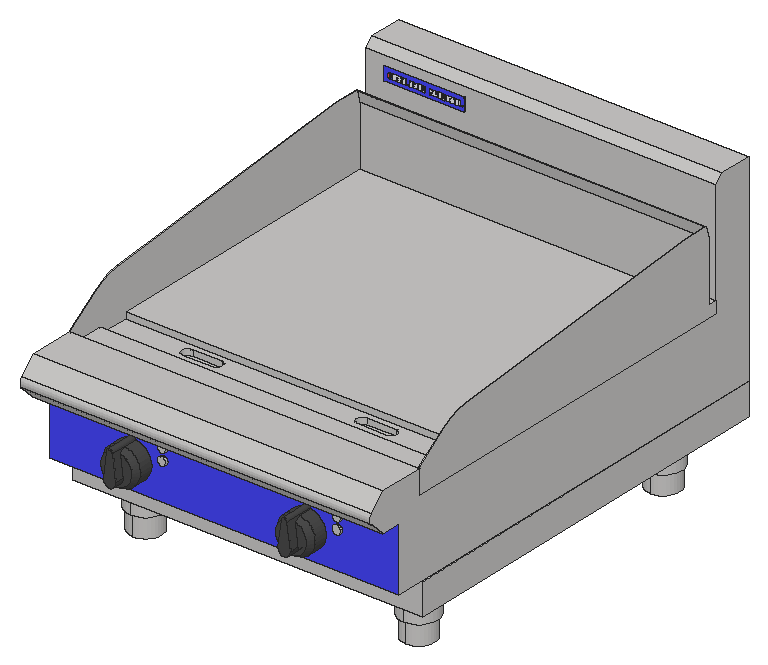
Revit family "QF_MOFFAT_BLUESEAL_CE_E514B-B", category Specialty Equipment, Revit 2012
Parameters
  Width [instance] = 600.0 mm  # constant formula
  Weight in Pounds = 162  # constant formula
  Watts = 6800 W
  Volts = 230 V
  URL Cutsheet = "www.moffat.com"
  URL = "www.moffat.com"
  Type Mark [instance] = ""
  Status [instance] = ""
  Specification by User [instance] = ""
  Specification by Manufacturer = ""
  Show Logo [instance] = yes
  Serial Number = ""
  Seismic Rating = ""
  SMACNA No = ""
  Revision Code [instance] = ""
  Phase = 1
  Omniclass Number and Title = ""
  Number of Poles = 1
  NAFEM Spec ID Number = ""
  Model = "E514B-B"
  Min Ckt Ampacity = 0 A
  Max Overcurrent Protection = 0 A
  Masterspec = ""
  Manufacturer = "MOFFAT BLUESEAL"
  Item Number [instance] = ""
  Installed By [instance] = ""
  Identify Quantity as Lot [instance] = yes
  Height [instance] = 370.0 mm  # constant formula
  HP = ""
  Furnished By [instance] = ""
  Foodservice Equipment Identifier [instance] = yes
  FL Amps = 28.3 A
  Elec Conn RI Height = 0.0 mm
  Elec Conn Connection Height = 0.0 mm
  Description = "600MM ELECTRIC GRIDDLE PLATE BENCH MOUNT"
  Depth [instance] = 812.0 mm  # constant formula
  Cycle = 50 Hz
  Conn Plug = ""
  Conn Conduit = yes
  CSI MasterFormat = ""
  CSI Master Format = ""
  Base Height [instance] = 85.0 mm
  Apparent Power = if(Phase = 3, Volts * FL Amps * 1.73, Volts * FL Amps)  # 6509 VA
Reference planes
  plane 1 "BACK": y = 0
  plane 2: z = 0
  plane 3 "LEFT": x = 0
  plane 4 "RIGHT": x = 600
  plane 5 "FRONT": y = -812
  plane 6 "TOP": z = 375
  plane 7 "Center Y": x = 300
  plane 8 "Center X": y = -406
  plane 9 "Base Height": z = 85
  plane 10: z = 485
  plane 11: y = -100
  plane 12: y = -625
Forms (mm)
  Extrusion 1, solid, material "QF_Finishes_Stainless Steel"
    sketch origin (0, 0, 0) x (0, 1, 0) y (0, 0, 1)
      loop
        line (0, 140) -> (0, 485) -> (-57.5, 485) -> (-70, 472.5) -> (-70, 275) -> (-705, 275) -> (-705, 315) -> (-783.97, 315) -> (-808.485, 290.485)
        arc (-808.485, 290.485) -> (-811.999, 282) -> (-808.485, 273.515) r 12
        line (-808.485, 273.515) -> (-784.97, 250) -> (-749, 250) -> (-749, 140) -> (0, 140)
      loop
        line (0, 85) -> (0, 139.206) -> (-699, 139.206) -> (-699, 85) -> (0, 85)
    from 0 to 600
  Revolve 2, solid, material "QF_Finishes_Stainless Steel"
    sketch origin (534.5, -210, 0) x (0, 1, 0) y (0, 0, -1)
      loop
        line (78.25, -85) -> (110, -85) -> (110, 0) -> (82.5, 0) -> (82.5, -35) -> (78.25, -35) -> (78.25, -85)
      axis (110, -85) -> (110, 0)
    angle from 0 to 360
  Revolve 3, solid, material "QF_Finishes_Stainless Steel"
    sketch origin (65.5, -210, 0) x (0, 1, 0) y (0, 0, 1)
      loop
        line (78.25, 85) -> (78.25, 35) -> (82.5, 35) -> (82.5, 0) -> (110, 0) -> (110, 85) -> (78.25, 85)
      axis (110, 85) -> (110, 0)
    angle from 0 to 360
  Extrusion 4, void
    sketch origin (0, -706, 139.206) x (0, 1, 0) y (-1, 0, 0)
      loop
        circle (674, -470) r 13.5
    from 0 to -86.704
  Revolve 5, solid, material "QF_Finishes_Black"
    sketch origin (150, 7, -7.2) x (0, 1, 0) y (0, 0, -1)
      loop
        line (-789, -234.5) -> (-766, -234.5) -> (-766, -207) -> (-756, -207) -> (-756, -202) -> (-800, -202) -> (-800, -228.651) -> (-789, -234.5)
      axis (-800, -202) -> (-756, -202)
    angle from 0 to 360
  Extrusion 6, solid, material "QF_Finishes_Black"
    sketch origin (288.27, 0, -7.042) x (-1, 0, 0) y (0, 0, -1)
      loop
        line (143.268, -233.955) -> (148.757, -189.87)
        arc (148.757, -189.87) -> (137.685, -179.371) -> (127.85, -191.037) r 10.487
        line (127.85, -191.037) -> (133.271, -233.955)
        arc (133.271, -233.955) -> (138.27, -238.842) -> (143.268, -233.955) r 5
    from 759 to 808
  Revolve 7, solid, material "QF_Finishes_Stainless Steel"
    sketch origin (534.5, -728, 0) x (0, 1, 0) y (0, 0, -1)
      loop
        line (71.25, -85) -> (103, -85) -> (103, 0) -> (75.5, 0) -> (75.5, -35) -> (71.25, -35) -> (71.25, -85)
      axis (103, -85) -> (103, 0)
    angle from 0 to 360
  Revolve 8, solid, material "QF_Finishes_Stainless Steel"
    sketch origin (65.5, -728, 0) x (0, 1, 0) y (0, 0, 1)
      loop
        line (71.25, 85) -> (71.25, 35) -> (75.5, 35) -> (75.5, 0) -> (103, 0) -> (103, 85) -> (71.25, 85)
      axis (103, 85) -> (103, 0)
    angle from 0 to 360
  Extrusion 9, solid, material "QF_Finishes_Stainless Steel"
    sketch origin (0, -706, 139.206) x (0, 1, 0) y (-1, 0, 0)
      loop
        circle (675, -469.75) r 6.35
    from 0 to -24.206
  Extrusion 10, solid, material "QF_Finishes_Stainless Steel"
    sketch origin (16.005, -749, 250) x (0, 0, -1) y (1, 0, 0)
      loop
        circle (45.2, 179) r 7.15
      loop
        circle (25.2, 179) r 7.15
    from 0 to 3.2
  Revolve 11, solid, material "QF_Finishes_Black"
    sketch origin (450, 7, -7.2) x (0, 1, 0) y (0, 0, -1)
      loop
        line (-789, -234.5) -> (-766, -234.5) -> (-766, -207) -> (-756, -207) -> (-756, -202) -> (-800, -202) -> (-800, -228.651) -> (-789, -234.5)
      axis (-800, -202) -> (-756, -202)
    angle from 0 to 360
  Extrusion 12, solid, material "QF_Finishes_Black"
    sketch origin (588.27, 0, -7.042) x (-1, 0, 0) y (0, 0, -1)
      loop
        line (143.268, -233.955) -> (148.757, -189.87)
        arc (148.757, -189.87) -> (137.685, -179.371) -> (127.85, -191.037) r 10.487
        line (127.85, -191.037) -> (133.271, -233.955)
        arc (133.271, -233.955) -> (138.27, -238.842) -> (143.268, -233.955) r 5
    from 759 to 808
  Extrusion 13, solid, material "QF_Finishes_Stainless Steel"
    sketch origin (316.005, -749, 250) x (0, 0, -1) y (1, 0, 0)
      loop
        circle (45.2, 179) r 7.15
      loop
        circle (25.2, 179) r 7.15
    from 0 to 3.2
Cuts and joins
  joined: Revolve 5, Extrusion 6
  Extrusion 4 cuts Extrusion 1
Lines and regions (mm)
  Split face 1
    outline origin (600, 0, 485) x (-1, 0, 0) y (0, -1, 0)
      loop
        arc (556, 18.385) -> (564.66, 23.385) -> (564.66, 33.385) r 10
        line (564.66, 33.385) -> (560.619, 40.385)
        arc (560.619, 40.385) -> (556.959, 44.045) -> (551.959, 45.385) r 10
        line (551.959, 45.385) -> (324, 45.385)
        arc (324, 45.385) -> (315.34, 40.385) -> (315.34, 30.385) r 10
        line (315.34, 30.385) -> (319.381, 23.385)
        arc (319.381, 23.385) -> (323.041, 19.725) -> (328.041, 18.385) r 10
        line (328.041, 18.385) -> (556, 18.385)
  Split face 2
    outline origin (600, 0, 485) x (-1, 0, 0) y (0, -1, 0)
      loop
        arc (276, 18.385) -> (284.66, 23.385) -> (284.66, 33.385) r 10
        line (284.66, 33.385) -> (280.619, 40.385)
        arc (280.619, 40.385) -> (276.959, 44.045) -> (271.959, 45.385) r 10
        line (271.959, 45.385) -> (44, 45.385)
        arc (44, 45.385) -> (35.34, 40.385) -> (35.34, 30.385) r 10
        line (35.34, 30.385) -> (39.381, 23.385)
        arc (39.381, 23.385) -> (43.041, 19.725) -> (48.041, 18.385) r 10
        line (48.041, 18.385) -> (276, 18.385)
  symbolic lines
    curve 1: line (0, -812, 0) -> (600, -812, 0)
    curve 2: line (0, 0, 0) -> (0, -812, 0)
    curve 3: line (600, 0, 0) -> (0, 0, 0)
    curve 4: line (600, -812, 0) -> (600, 0, 0)
    curve 5: line (0, -57.5, 0) -> (600, -57.5, 0)
    curve 6: line (48.041, -45.385, 0) -> (276, -45.385, 0)
    curve 7: arc (276, -45.385, 0) -> (284.66, -40.385, 0) -> (284.66, -30.385, 0) r 10
    curve 8: line (284.66, -30.385, 0) -> (280.619, -23.385, 0)
    curve 9: arc (280.619, -23.385, 0) -> (276.959, -19.725, 0) -> (271.959, -18.385, 0) r 10
    curve 10: line (271.959, -18.385, 0) -> (44, -18.385, 0)
    curve 11: arc (44, -18.385, 0) -> (35.34, -23.385, 0) -> (35.34, -33.385, 0) r 10
    curve 12: line (35.34, -33.385, 0) -> (39.381, -40.385, 0)
    curve 13: arc (39.381, -40.385, 0) -> (43.041, -44.045, 0) -> (48.041, -45.385, 0) r 10
    curve 14: line (556, -45.385, 0) -> (328.041, -45.385, 0)
    curve 15: arc (328.041, -45.385, 0) -> (323.041, -44.045, 0) -> (319.381, -40.385, 0) r 10
    curve 16: line (319.381, -40.385, 0) -> (315.34, -33.385, 0)
    curve 17: arc (315.34, -33.385, 0) -> (315.34, -23.385, 0) -> (324, -18.385, 0) r 10
    curve 18: line (324, -18.385, 0) -> (551.959, -18.385, 0)
    curve 19: arc (551.959, -18.385, 0) -> (556.959, -19.725, 0) -> (560.619, -23.385, 0) r 10
    curve 20: line (560.619, -23.385, 0) -> (564.66, -30.385, 0)
    curve 21: arc (564.66, -30.385, 0) -> (564.66, -40.385, 0) -> (556, -45.385, 0) r 10
    curve 22: line (0, -70, 0) -> (600, -70, 0)
    curve 23: line (0, -783.97, 0) -> (600, -783.97, 0)
Dimensions and locks
  equal spacing: plane 3 "LEFT", plane 7 "Center Y", plane 4 "RIGHT"
  "Width": plane 3 "LEFT" to plane 4 "RIGHT"
  equal spacing: plane 5 "FRONT", plane 8 "Center X", plane 1 "BACK"
  "Depth": plane 5 "FRONT" to plane 1 "BACK"
  "Base Height": plane 9 "Base Height" to level
  locked: plane 6 "TOP" to plane 9 "Base Height" at 290
  plane 6 "TOP" to level = 375.0 mm
  locked: plane 10 to plane 2 at 485
  Extrusion 9 sketch curve to plane 1 "BACK" = 31.0 mm
  cut or joined group of Extrusion 1, Extrusion 4 to plane 2 = 315.0 mm
  aligned and locked: level to plane 2
  aligned and locked: Revolve 3 sketch curve to plane 9 "Base Height"
Automatic sketch dimensions
  curve 1 to plane 3 "LEFT" = 0.0 mm
  curve 5 to plane 4 "RIGHT" = 0.0 mm
  plane 5 "FRONT" to curve 1 = 0.0 mm
  plane 1 "BACK" to curve 4 = 0.0 mm
  plane 3 "LEFT" to curve 11 = 35.34 mm
  curve 12 to curve 13 = 4.041 mm
  curve 11 to curve 11 = 8.66 mm
  curve 12 to curve 13 = 8.66 mm
  curve 10 to plane 7 "Center Y" = 28.041 mm
  curve 9 to curve 7 = 4.041 mm
  curve 9 to curve 8 = 8.66 mm
  curve 8 to curve 8 = 4.041 mm
  plane 7 "Center Y" to curve 16 = 15.34 mm
  curve 16 to curve 16 = 4.041 mm
  curve 17 to curve 17 = 8.66 mm
  curve 16 to curve 14 = 8.66 mm
  plane 1 "BACK" to curve 19 = 18.385 mm
  plane 4 "RIGHT" to curve 19 = 48.041 mm
  curve 19 to curve 21 = 4.041 mm
  curve 19 to curve 19 = 8.66 mm
  curve 19 to curve 20 = 4.041 mm
  curve 23 to plane 5 "FRONT" = 28.03 mm
  plane 11 to curve 22 = 30.0 mm
  curve 22 to curve 5 = 12.5 mm
  plane 1 "BACK" to curve 6 = 45.385 mm
  curve 14 to curve 18 = 27.0 mm
  curve 6 to curve 12 = 5.0 mm
  curve 14 to curve 15 = 5.0 mm
  curve 6 to curve 7 = 10.0 mm
  curve 14 to curve 21 = 10.0 mm
  curve 13 to curve 12 = 7.0 mm
  curve 16 to curve 17 = 7.0 mm
  curve 7 to curve 9 = 7.0 mm
  curve 13 to curve 11 = 7.0 mm
  curve 21 to curve 19 = 7.0 mm
  Extrusion 1 sketch curve to plane 9 "Base Height" = 0.0 mm
  Extrusion 1 sketch curve to plane 10 = 0.0 mm
  Extrusion 1 sketch curve to plane 1 "BACK" = 0.0 mm  (x2)
  plane 11 to Extrusion 1 sketch curve = 42.5 mm
  Extrusion 1 sketch curve to plane 10 = 12.5 mm
  Extrusion 1 sketch curve to Extrusion 1 sketch curve = 12.5 mm
  Extrusion 1 sketch curve to plane 12 = 74.0 mm
  Extrusion 1 sketch curve to plane 12 = 80.0 mm
  Extrusion 1 sketch curve to Extrusion 1 sketch curve = 44.0 mm
  Extrusion 1 sketch curve to plane 5 "FRONT" = 28.03 mm
  Extrusion 1 sketch curve to plane 5 "FRONT" = 27.03 mm
  Extrusion 1 sketch curve to plane 5 "FRONT" = 12.001 mm
  Extrusion 1 sketch curve to plane 5 "FRONT" = 3.515 mm  (x2)
  plane 9 "Base Height" to Extrusion 1 sketch curve = 54.206 mm
  Extrusion 1 sketch curve to Extrusion 1 sketch curve = 0.794 mm
  Extrusion 1 sketch curve to Extrusion 1 sketch curve = 110.0 mm
  Extrusion 1 sketch curve to Extrusion 1 sketch curve = 23.515 mm
  Extrusion 1 sketch curve to Extrusion 1 sketch curve = 25.0 mm
  Extrusion 1 sketch curve to Extrusion 1 sketch curve = 8.485 mm
  Extrusion 1 sketch curve to Extrusion 1 sketch curve = 24.515 mm
  Revolve 2 sketch curve to plane 9 "Base Height" = 0.0 mm
  Revolve 2 sketch curve to level = 0.0 mm
  Revolve 2 sketch curve to plane 11 = 0.0 mm  (x2)
  Revolve 2 sketch curve to plane 11 = 27.5 mm
  Revolve 2 sketch curve to plane 11 = 31.75 mm
  Revolve 2 sketch curve to Revolve 2 sketch curve = 30.0 mm
  Revolve 2 sketch curve to Revolve 2 sketch curve = 20.0 mm
  Revolve 2 sketch curve to Revolve 2 sketch curve = 55.0 mm
  Revolve 3 sketch curve to level = 0.0 mm
  Revolve 3 sketch curve to plane 11 = 0.0 mm  (x2)
  Revolve 3 sketch curve to Revolve 3 sketch curve = 27.5 mm
  Revolve 3 sketch curve to Revolve 3 sketch curve = 31.75 mm
  Revolve 3 sketch curve to Revolve 3 sketch curve = 55.0 mm
  level to Revolve 3 sketch curve = 35.0 mm
  Revolve 3 sketch curve to plane 9 "Base Height" = 30.0 mm
  Extrusion 1 to Extrusion 4 sketch curve = 32.0 mm
  Extrusion 1 to Extrusion 4 sketch curve = 130.0 mm
  Revolve 5 sketch curve to plane 5 "FRONT" = 19.0 mm
  Revolve 5 sketch curve to Revolve 5 sketch curve = 0.0 mm  (x2)
  Revolve 5 sketch curve to Revolve 5 sketch curve = 11.0 mm
  Revolve 5 sketch curve to Revolve 5 sketch curve = 12.7 mm
  Revolve 5 sketch curve to Revolve 5 sketch curve = 23.0 mm
  Revolve 5 sketch curve to Revolve 5 sketch curve = 10.0 mm
  plane 9 "Base Height" to Revolve 5 sketch curve = 142.3 mm
  Revolve 5 sketch curve to Revolve 5 sketch curve = 5.849 mm
  Revolve 5 sketch curve to Revolve 5 sketch curve = 27.5 mm
  Revolve 5 sketch curve to Revolve 5 sketch curve = 5.0 mm
  plane 3 "LEFT" to Extrusion 6 sketch curve = 160.419 mm
  Extrusion 6 sketch curve to Extrusion 6 sketch curve = 5.421 mm
  Extrusion 6 sketch curve to Extrusion 6 sketch curve = 4.999 mm  (x2)
  Extrusion 6 sketch curve to Extrusion 6 sketch curve = 10.419 mm
  Extrusion 6 sketch curve to Extrusion 6 sketch curve = 10.487 mm
  plane 9 "Base Height" to Extrusion 6 sketch curve = 141.913 mm
  Extrusion 6 sketch curve to Extrusion 6 sketch curve = 0.113 mm
  Extrusion 6 sketch curve to Extrusion 6 sketch curve = 42.919 mm
  Extrusion 6 sketch curve to Extrusion 6 sketch curve = 1.167 mm
  Revolve 7 sketch curve to plane 9 "Base Height" = 0.0 mm
  Revolve 7 sketch curve to level = 0.0 mm
  Revolve 7 sketch curve to plane 12 = 0.0 mm  (x2)
  Revolve 7 sketch curve to plane 12 = 27.5 mm
  Revolve 7 sketch curve to Revolve 7 sketch curve = 31.75 mm
  Revolve 7 sketch curve to Revolve 7 sketch curve = 30.0 mm
  Revolve 7 sketch curve to Revolve 7 sketch curve = 20.0 mm
  Revolve 7 sketch curve to level = 55.0 mm
  Revolve 8 sketch curve to plane 9 "Base Height" = 0.0 mm
  Revolve 8 sketch curve to level = 0.0 mm
  Revolve 8 sketch curve to plane 12 = 0.0 mm  (x2)
  Revolve 8 sketch curve to Revolve 8 sketch curve = 27.5 mm
  Revolve 8 sketch curve to Revolve 8 sketch curve = 31.75 mm
  Revolve 8 sketch curve to level = 55.0 mm
  Revolve 8 sketch curve to Revolve 8 sketch curve = 35.0 mm
  Revolve 8 sketch curve to Revolve 8 sketch curve = 30.0 mm
  Extrusion 1 to Extrusion 9 sketch curve = 130.25 mm
  Split face 1 sketch curve to cut or joined group of Extrusion 1, Extrusion 4 = 27.115 mm
  Split face 1 sketch curve to cut or joined group of Extrusion 1, Extrusion 4 = 284.66 mm
  Split face 1 sketch curve to Split face 1 sketch curve = 4.041 mm  (x4)
  Split face 1 sketch curve to Split face 1 sketch curve = 8.66 mm  (x2)
  Split face 1 sketch curve to cut or joined group of Extrusion 1, Extrusion 4 = 12.115 mm
  Split face 1 sketch curve to cut or joined group of Extrusion 1, Extrusion 4 = 48.041 mm
  Split face 1 sketch curve to Split face 1 sketch curve = 7.0 mm  (x3)
  Split face 1 sketch curve to Split face 1 sketch curve = 17.0 mm
  Split face 2 sketch curve to cut or joined group of Extrusion 1, Extrusion 4 = 35.34 mm
  Split face 2 sketch curve to Split face 2 sketch curve = 4.041 mm  (x4)
  Split face 2 sketch curve to Split face 2 sketch curve = 8.66 mm  (x2)
  Split face 2 sketch curve to cut or joined group of Extrusion 1, Extrusion 4 = 12.115 mm
  Split face 2 sketch curve to Split face 2 sketch curve = 223.917 mm
  Split face 2 sketch curve to Split face 2 sketch curve = 5.0 mm
  Split face 2 sketch curve to Split face 2 sketch curve = 10.0 mm
  Split face 2 sketch curve to Split face 2 sketch curve = 7.0 mm  (x3)
  Extrusion 1 to Extrusion 10 sketch curve = 25.2 mm
  Extrusion 10 sketch curve to Extrusion 10 sketch curve = 20.0 mm
  Extrusion 1 to Extrusion 10 sketch curve = 195.005 mm
  Extrusion 10 sketch curve to Extrusion 10 sketch curve = 0.0 mm
  Revolve 11 sketch curve to plane 5 "FRONT" = 19.0 mm
  Revolve 11 sketch curve to Revolve 11 sketch curve = 0.0 mm  (x2)
  Revolve 11 sketch curve to Revolve 11 sketch curve = 11.0 mm
  Revolve 11 sketch curve to Revolve 11 sketch curve = 12.7 mm
  Revolve 11 sketch curve to Revolve 11 sketch curve = 23.0 mm
  Revolve 11 sketch curve to Revolve 11 sketch curve = 10.0 mm
  plane 9 "Base Height" to Revolve 11 sketch curve = 142.3 mm
  Revolve 11 sketch curve to Revolve 11 sketch curve = 5.849 mm
  Revolve 11 sketch curve to Revolve 11 sketch curve = 27.5 mm
  Revolve 11 sketch curve to Revolve 11 sketch curve = 5.0 mm
  plane 7 "Center Y" to Extrusion 12 sketch curve = 160.419 mm
  Extrusion 12 sketch curve to Extrusion 12 sketch curve = 5.421 mm
  Extrusion 12 sketch curve to Extrusion 12 sketch curve = 4.999 mm  (x2)
  Extrusion 12 sketch curve to Extrusion 12 sketch curve = 10.419 mm
  Extrusion 12 sketch curve to Extrusion 12 sketch curve = 10.487 mm
  plane 9 "Base Height" to Extrusion 12 sketch curve = 141.913 mm
  Extrusion 12 sketch curve to Extrusion 12 sketch curve = 0.113 mm
  Extrusion 12 sketch curve to Extrusion 12 sketch curve = 42.919 mm
  Extrusion 12 sketch curve to Extrusion 12 sketch curve = 1.167 mm
  Extrusion 1 to Extrusion 13 sketch curve = 25.2 mm
  Extrusion 13 sketch curve to Extrusion 13 sketch curve = 20.0 mm
  Extrusion 1 to Extrusion 13 sketch curve = 104.995 mm
  Extrusion 13 sketch curve to Extrusion 13 sketch curve = 0.0 mm
  radius of Extrusion 4 sketch curve = 13.5 mm
  radius of Extrusion 9 sketch curve = 6.35 mm
  radius of Extrusion 10 sketch curve = 7.15 mm  (x2)
  radius of Extrusion 13 sketch curve = 7.15 mm  (x2)
Nested families
  nested 1: "ELECTRIC GRIDDLE PLATE 600" at (0, -85, 274.5), type "ELECTRIC GRIDDLE PLATE 600"
    with Width 600.0 mm, Type Mark "", Status "", Specification by User "", Revision Code "", Item Number "", Installed By "", Identify Quantity as Lot yes, Furnished By "", Foodservice Equipment Identifier yes, Depth 620.0 mm
  nested 2: "WALDORF LOGO_FACE BASE" at (32, -70, 456.885) x (1, 0, 0) z (0, -1, 0), visible <- "Show Logo", type "WALDORF LOGO_FACE BASE", detail levels medium+fine
    with Show Logo yes
Connectors
  electrical at (469.75, -31, 115), driven by "Volts", driven by "Watts"
    settings: on Extrusion 9, index 1, voltage 230 V, apparent load 6800 VA, apparent load phase1 0 VA, apparent load phase2 0 VA, apparent load phase3 0 VA, power factor 1, load classification "Other", number of poles 1, system type 30, power factor state 1, is connector primary yes, connector utility no, sub classification motor no, connector description "ELECTRICAL CONNECTION"
Definition of nested family "ELECTRIC GRIDDLE PLATE 600"
  Parameters (values of type "ELECTRIC GRIDDLE PLATE 600")
    Width [instance] = 600.0 mm
    Weight in Pounds = 0
    URL Cutsheet = ""
    Type Mark [instance] = ""
    Status [instance] = ""
    Specification by User [instance] = ""
    Specification by Manufacturer = ""
    Serial Number = ""
    Seismic Rating = ""
    SMACNA No = ""
    Revision Code [instance] = ""
    Omniclass Number and Title = ""
    NAFEM Spec ID Number = ""
    Masterspec = ""
    Item Number [instance] = ""
    Installed By [instance] = ""
    Identify Quantity as Lot [instance] = yes
    Furnished By [instance] = ""
    Foodservice Equipment Identifier [instance] = yes
    Depth [instance] = 620.0 mm
    CSI MasterFormat = ""
    CSI Master Format = ""
  Reference planes
    plane 1 "BACK": y = 0
    plane 2: z = 0
    plane 3 "LEFT": x = 0
    plane 4 "RIGHT": x = 600
    plane 5 "FRONT": y = -620
    plane 6 "TOP": z = 142.5
    plane 7 "Center Y": x = 300
    plane 8 "Center X": y = -310
    plane 9: y = -530.997
    plane 10: y = -541.497
    plane 11: y = -503.25
    plane 12: y = -557.737
  Forms (mm)
    Extrusion 1, solid, material "QF_Finishes_Stainless Steel"
      sketch origin (0, 70.003, -874.5) x (0, 1, 0) y (0, 0, 1)
        loop
          line (-70, 875) -> (-70, 997.489) -> (-75.228, 1017) -> (-117.24, 1017) -> (-589.533, 971.523)
          arc (-589.533, 971.523) -> (-614.56, 965.803) -> (-637.306, 953.899) r 100
          line (-637.306, 953.899) -> (-690.003, 917) -> (-690.003, 875) -> (-70, 875)
      from 0 to 1.8
    Extrusion 2, solid, material "QF_Finishes_Stainless Steel"
      sketch origin (600, 70.003, -874.5) x (0, -1, 0) y (0, 0, 1)
        loop
          line (70, 875) -> (690.003, 875) -> (690.003, 917) -> (637.306, 953.899)
          arc (637.306, 953.899) -> (614.56, 965.803) -> (589.533, 971.523) r 100
          line (589.533, 971.523) -> (117.24, 1017) -> (75.228, 1017) -> (70, 997.489) -> (70, 875)
      from 0 to 1.2
    Extrusion 3, solid, material "QF_Finishes_Stainless Steel"
      sketch origin (150, 70.003, -874.5) x (0, 1, 0) y (0, 0, 1)
        loop
          line (-55, 895) -> (-573.253, 895) -> (-573.253, 884.5) -> (-627.74, 884.5) -> (-627.74, 895) -> (-690.003, 895) -> (-690.003, 875) -> (-55, 875) -> (-55, 895)
      from -150 to 450
    Extrusion 4, void
      sketch origin (150, -541.497, 10) x (0, -1, 0) y (1, 0, 0)
        loop
          arc (-7.497, 25) -> (-17.497, 35) -> (-27.497, 25) r 10
          line (-27.497, 25) -> (-27.497, -25)
          arc (-27.497, -25) -> (-17.497, -35) -> (-7.497, -25) r 10
          line (-7.497, -25) -> (-7.497, 25)
        loop
          arc (-7.497, 325) -> (-17.497, 335) -> (-27.497, 325) r 10
          line (-27.497, 325) -> (-27.497, 275)
          arc (-27.497, 275) -> (-17.497, 265) -> (-7.497, 275) r 10
          line (-7.497, 275) -> (-7.497, 325)
      from -41.4 to 40.142
    Extrusion 5, solid, material "QF_Finishes_Stainless Steel"
      sketch origin (0, 70.003, -874.5) x (0, 1, 0) y (0, 0, 1)
        loop
          line (-70, 875) -> (-70, 997.489) -> (-75.228, 1017) -> (-76.884, 1017) -> (-71.6, 997.278) -> (-71.6, 875) -> (-70, 875)
      from 0 to 598.8
  Cuts and joins
    Extrusion 4 cuts Extrusion 3
    joined: Extrusion 1, Extrusion 2, Extrusion 3, Extrusion 5
  Lines and regions (mm)
    symbolic lines
      curve 1: line (598.8, -503.25, 0) -> (0, -503.25, 0)
      curve 2: line (1.8, -557.737, 0) -> (598.8, -557.737, 0)
      curve 3: line (0, -620, 0) -> (600, -620, 0)
      curve 4: line (175, -534, 0) -> (125, -534, 0)
      curve 5: arc (125, -534, 0) -> (115, -524, 0) -> (125, -514, 0) r 10
      curve 6: line (125, -514, 0) -> (175, -514, 0)
      curve 7: arc (175, -514, 0) -> (185, -524, 0) -> (175, -534, 0) r 10
      curve 8: arc (425, -514, 0) -> (415, -524, 0) -> (425, -534, 0) r 10
      curve 9: line (425, -534, 0) -> (475, -534, 0)
      curve 10: arc (475, -534, 0) -> (485, -524, 0) -> (475, -514, 0) r 10
      curve 11: line (475, -514, 0) -> (425, -514, 0)
      curve 12: line (600, -5.225, 0) -> (0, -5.225, 0)
      curve 13: line (0, -5.225, 0) -> (0, -620, 0)
      curve 14: line (600, -620, 0) -> (600, -5.225, 0)
  Dimensions and locks
    equal spacing: plane 3 "LEFT", plane 7 "Center Y", plane 4 "RIGHT"
    "Width": plane 3 "LEFT" to plane 4 "RIGHT"
    equal spacing: plane 5 "FRONT", plane 8 "Center X", plane 1 "BACK"
    "Depth": plane 5 "FRONT" to plane 1 "BACK"
    locked: Extrusion 2 to Extrusion 2 at 1.2
    Extrusion 4 sketch curve to Extrusion 4 sketch curve to plane 7 "Center Y" = 50.0 mm locked, 125.0 mm locked  (x2)
    aligned and locked: level to plane 2
    aligned and locked: Extrusion 2 to plane 4 "RIGHT"
    aligned and locked: curve 1 to plane 11
    aligned and locked: plane 12 to curve 2
    aligned and locked: Extrusion 5 to cut or joined group of Extrusion 1, Extrusion 2, Extrusion 3, Extrusion 4, Extrusion 5
    aligned and locked: cut or joined group of Extrusion 1, Extrusion 2, Extrusion 3, Extrusion 4, Extrusion 5 to plane 4 "RIGHT"
    aligned and locked: curve 5 to cut or joined group of Extrusion 1, Extrusion 2, Extrusion 3, Extrusion 4, Extrusion 5
    aligned and locked: curve 7 to cut or joined group of Extrusion 1, Extrusion 2, Extrusion 3, Extrusion 4, Extrusion 5
    aligned and locked: cut or joined group of Extrusion 1, Extrusion 2, Extrusion 3, Extrusion 4, Extrusion 5 to plane 3 "LEFT"
  Automatic sketch dimensions
    Extrusion 1 sketch curve to plane 5 "FRONT" = 0.0 mm
    Extrusion 1 sketch curve to plane 6 "TOP" = 0.0 mm
    plane 12 to Extrusion 1 sketch curve = 9.566 mm
    plane 11 to Extrusion 1 sketch curve = 16.28 mm
    Extrusion 1 sketch curve to level = 2.516 mm
    plane 11 to Extrusion 1 sketch curve = 6.695 mm
    plane 1 "BACK" to Extrusion 1 sketch curve = 47.237 mm
    plane 1 "BACK" to Extrusion 1 sketch curve = 5.225 mm
    Extrusion 1 sketch curve to plane 1 "BACK" = 0.003 mm
    level to Extrusion 1 sketch curve = 0.5 mm
    Extrusion 1 sketch curve to Extrusion 1 sketch curve = 42.0 mm
    Extrusion 1 sketch curve to plane 6 "TOP" = 63.101 mm
    Extrusion 1 sketch curve to plane 6 "TOP" = 19.511 mm
    Extrusion 2 sketch curve to plane 6 "TOP" = 0.0 mm
    Extrusion 2 sketch curve to plane 5 "FRONT" = 0.0 mm
    plane 12 to Extrusion 2 sketch curve = 9.566 mm
    plane 11 to Extrusion 2 sketch curve = 16.28 mm
    Extrusion 2 sketch curve to level = 2.516 mm
    plane 11 to Extrusion 2 sketch curve = 6.695 mm
    plane 1 "BACK" to Extrusion 2 sketch curve = 47.237 mm
    plane 1 "BACK" to Extrusion 2 sketch curve = 5.225 mm
    Extrusion 2 sketch curve to plane 1 "BACK" = 0.003 mm
    level to Extrusion 2 sketch curve = 0.5 mm
    Extrusion 2 sketch curve to Extrusion 2 sketch curve = 42.0 mm
    Extrusion 2 sketch curve to plane 6 "TOP" = 63.101 mm
    Extrusion 2 sketch curve to plane 6 "TOP" = 19.511 mm
    Extrusion 3 sketch curve to plane 5 "FRONT" = 0.0 mm
    Extrusion 3 sketch curve to plane 12 = 0.0 mm
    Extrusion 3 sketch curve to plane 11 = 0.0 mm
    Extrusion 3 sketch curve to plane 1 "BACK" = 15.003 mm
    level to Extrusion 3 sketch curve = 0.5 mm
    level to Extrusion 3 sketch curve = 10.0 mm
    Extrusion 3 sketch curve to Extrusion 3 sketch curve = 10.5 mm  (x2)
    plane 1 "BACK" to Extrusion 5 sketch curve = 5.225 mm
    Extrusion 5 sketch curve to plane 1 "BACK" = 0.003 mm
    Extrusion 5 sketch curve to plane 6 "TOP" = 19.511 mm
    Extrusion 5 sketch curve to Extrusion 5 sketch curve = 1.6 mm
    Extrusion 5 sketch curve to Extrusion 5 sketch curve = 0.211 mm
    Extrusion 5 sketch curve to plane 6 "TOP" = 0.0 mm
    Extrusion 5 sketch curve to Extrusion 5 sketch curve = 1.656 mm
    level to Extrusion 5 sketch curve = 0.5 mm
    plane 11 to Extrusion 4 sketch curve = 10.75 mm  (x2)
    Extrusion 4 sketch curve to Extrusion 4 sketch curve = 10.0 mm  (x2)
    plane 5 "FRONT" to curve 3 = 0.0 mm
    curve 9 to plane 12 = 23.737 mm
    plane 7 "Center Y" to curve 9 = 125.0 mm
    curve 9 to curve 9 = 50.0 mm
    curve 9 to curve 10 = 10.0 mm
    plane 3 "LEFT" to curve 2 = 1.8 mm
    plane 3 "LEFT" to curve 12 = 0.0 mm
    plane 4 "RIGHT" to curve 2 = 1.2 mm
    plane 4 "RIGHT" to curve 3 = 0.0 mm
    plane 4 "RIGHT" to curve 1 = 1.2 mm
    plane 1 "BACK" to curve 14 = 5.225 mm
Definition of nested family "WALDORF LOGO_FACE BASE"
  Parameters (values of type "WALDORF LOGO_FACE BASE")
    Show Logo [instance] = yes
    Default Elevation = 1219.2 mm
  Reference planes
    plane 1 "Center (Front/Back)": y = 0
    plane 2: z = 0
    plane 3 "Center (Left/Right)": x = 0
  Forms (mm)
    Extrusion 1, solid
      sketch origin (0, 0, 0) x (1, 0, 0) y (0, 1, 0)
        loop
          line (-1219.2, 1219.2) -> (-1219.2, -1219.2) -> (1219.2, -1219.2) -> (1219.2, 1219.2) -> (-1219.2, 1219.2)
      from 0 to -304.8
    Extrusion 2, solid, material "QF_Finishes_Blue", visible <- "Show Logo"
      sketch origin (0, -33.217, 0) x (1, 0, 0) y (0, 1, 0)
        loop
          arc (138, 31.942) -> (137.626, 32.844) -> (136.724, 33.217) r 1.276
          line (136.724, 33.217) -> (1.29, 33.217)
          arc (1.29, 33.217) -> (0.378, 32.839) -> (0, 31.927) r 1.29
          line (0, 31.927) -> (0, 11.507)
          arc (0, 11.507) -> (0.378, 10.595) -> (1.29, 10.217) r 1.29
          line (1.29, 10.217) -> (136.71, 10.217)
          arc (136.71, 10.217) -> (137.622, 10.595) -> (138, 11.507) r 1.29
          line (138, 11.507) -> (138, 31.942)
      from 0 to 1.588
    Extrusion 3, solid, material "QF_Finishes_White", visible <- "Show Logo"
      sketch origin (0, -33.217, 1.588) x (1, 0, 0) y (0, 1, 0)
        loop
          arc (108.946, 25.919) -> (107.613, 25.367) -> (107.061, 24.034) r 1.885
          line (107.061, 24.034) -> (107.061, 17.211) -> (112.704, 17.211) -> (112.704, 19.129) -> (115.546, 19.129) -> (115.546, 17.211) -> (121.584, 17.211) -> (121.584, 24.075)
          arc (121.584, 24.075) -> (121.043, 25.379) -> (119.739, 25.919) r 1.845
          line (119.739, 25.919) -> (108.946, 25.919)
        loop
          line (123.478, 25.919) -> (123.478, 17.163) -> (134.904, 17.163) -> (134.904, 19.129) -> (129.246, 19.129) -> (129.246, 25.919) -> (123.478, 25.919)
        loop
          line (112.704, 21.258) -> (115.546, 21.258) -> (115.546, 22.702)
          arc (115.546, 22.702) -> (115.344, 23.188) -> (114.858, 23.389) r 0.687
          line (114.858, 23.389) -> (113.363, 23.389)
          arc (113.363, 23.389) -> (112.897, 23.196) -> (112.704, 22.73) r 0.658
          line (112.704, 22.73) -> (112.704, 21.258)
        loop
          line (105.071, 25.919) -> (93.771, 25.919) -> (93.771, 17.163) -> (105.071, 17.163) -> (105.071, 19.063) -> (99.535, 19.063) -> (99.535, 20.437) -> (105.071, 20.437) -> (105.071, 22.278) -> (99.535, 22.278) -> (99.535, 23.587) -> (105.071, 23.587) -> (105.071, 25.919)
        loop
          line (91.104, 25.919) -> (79.541, 25.919)
          arc (79.541, 25.919) -> (78.558, 25.513) -> (78.152, 24.53) r 1.389
          line (78.152, 24.53) -> (78.152, 22.08)
          arc (78.152, 22.08) -> (78.558, 21.098) -> (79.541, 20.691) r 1.389
          line (79.541, 20.691) -> (86.346, 20.691) -> (86.346, 18.864) -> (83.266, 18.864) -> (83.266, 19.664) -> (78.152, 19.664) -> (78.152, 18.553)
          arc (78.152, 18.553) -> (78.558, 17.57) -> (79.541, 17.163) r 1.389
          line (79.541, 17.163) -> (91.063, 17.163)
          arc (91.063, 17.163) -> (92.045, 17.57) -> (92.452, 18.553) r 1.389
          line (92.452, 18.553) -> (92.452, 20.691)
          arc (92.452, 20.691) -> (92.045, 21.673) -> (91.063, 22.08) r 1.389
          line (91.063, 22.08) -> (83.266, 22.08) -> (83.266, 23.984) -> (86.346, 23.984) -> (86.346, 22.743) -> (92.452, 22.743) -> (92.452, 24.571)
          arc (92.452, 24.571) -> (92.057, 25.524) -> (91.104, 25.919) r 1.348
        loop
          line (70.705, 25.919) -> (59.405, 25.919) -> (59.405, 17.163) -> (70.705, 17.163) -> (70.705, 19.063) -> (65.169, 19.063) -> (65.169, 20.437) -> (70.705, 20.437) -> (70.705, 22.278) -> (65.169, 22.278) -> (65.169, 23.587) -> (70.705, 23.587) -> (70.705, 25.919)
        loop
          line (57.598, 25.919) -> (51.7, 25.919) -> (51.7, 20.18)
          arc (51.7, 20.18) -> (50.63, 19.11) -> (49.56, 20.18) r 1.07
          line (49.56, 20.18) -> (49.56, 25.919) -> (43.663, 25.919) -> (43.663, 19.049)
          arc (43.663, 19.049) -> (44.215, 17.716) -> (45.548, 17.163) r 1.885
          line (45.548, 17.163) -> (55.71, 17.163)
          arc (55.71, 17.163) -> (57.045, 17.716) -> (57.598, 19.051) r 1.887
          line (57.598, 19.051) -> (57.598, 25.919)
        loop
          line (31.62, 25.919) -> (31.62, 17.163) -> (43.046, 17.163) -> (43.046, 19.129) -> (37.388, 19.129) -> (37.388, 25.919) -> (31.62, 25.919)
        loop
          line (15.969, 25.919) -> (15.969, 17.163) -> (28.693, 17.163)
          arc (28.693, 17.163) -> (29.812, 17.627) -> (30.276, 18.746) r 1.582
          line (30.276, 18.746) -> (30.276, 20.447) -> (29.48, 21.243) -> (30.276, 22.039) -> (30.276, 24.332)
          arc (30.276, 24.332) -> (29.811, 25.454) -> (28.688, 25.919) r 1.587
          line (28.688, 25.919) -> (15.969, 25.919)
        loop
          line (21.449, 24.159) -> (21.449, 22.436) -> (23.862, 22.436)
          arc (23.862, 22.436) -> (24.723, 23.298) -> (23.862, 24.159) r 0.861
          line (23.862, 24.159) -> (21.449, 24.159)
        loop
          line (21.449, 20.244) -> (21.449, 18.522) -> (23.862, 18.522)
          arc (23.862, 18.522) -> (24.723, 19.383) -> (23.862, 20.244) r 0.861
          line (23.862, 20.244) -> (21.449, 20.244)
      from 0 to 0.2
    Extrusion 4, solid, material "QF_Finishes_Blue", visible <- "Show Logo"
      sketch origin (-126.498, -31.09, 1.588) x (1, 0, 0) y (0, 1, 0)
        loop
          line (136.738, 23.522) -> (136.738, 15.1)
          arc (136.738, 15.1) -> (140.756, 19.311) -> (136.738, 23.522) r 4.216
      from 0 to 0.2
    Extrusion 5, solid, material "QF_Finishes_Red", visible <- "Show Logo"
      sketch origin (146.849, -31.09, 1.588) x (-1, 0, 0) y (0, -1, 0)
        loop
          arc (136.738, -23.522) -> (140.756, -19.311) -> (136.738, -15.1) r 4.216
          line (136.738, -15.1) -> (136.738, -23.522)
      from 0 to 0.2
  Lines and regions (mm)
    Split face 1
      outline origin (-90.35, -30.793, 1.588) x (1, 0, 0) y (0, 1, 0)
        loop
          circle (100.54, 19.013) r 4.536
  Dimensions and locks
    aligned and locked: plane 2 to Extrusion 1
    aligned and locked: level to Extrusion 1
